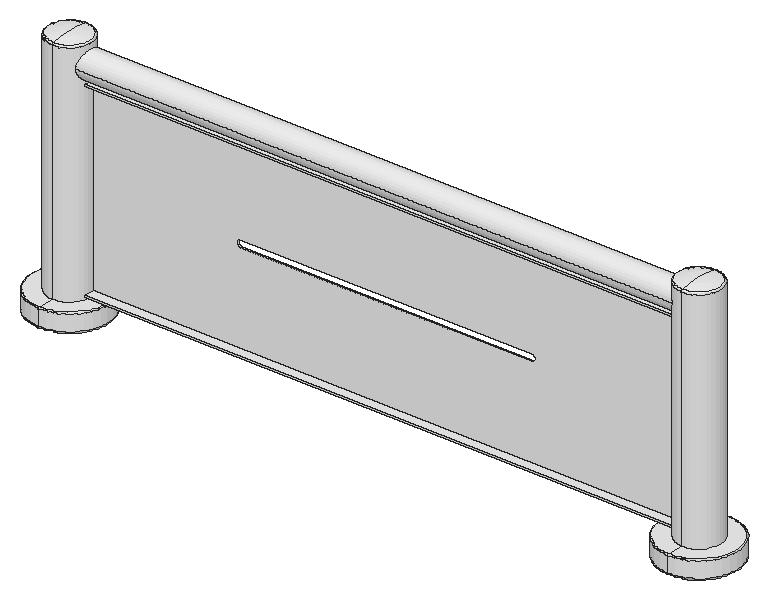
Revit family "Shelf-Metal-Caroma Cosmo", category Specialty Equipment, host Face, Revit 2014
Parameters (values of type "Standard")
  Width_ANZRS = 146 mm  # constant formula
  URL = "http://specify.caroma.com.au/"
  Type Comments = "Caroma Cosmo Metal Shelf "  # constant formula
  ModifiedIssue_ANZRS = 20150505.01  # constant formula
  Model = "305006C"  # constant formula
  Material_ANZRS = Metal-Chrome-Caroma
  Manufacturer = "GWA Bathrooms & Kitchens"  # constant formula
  Length_ANZRS = 380 mm  # constant formula
  Height_ANZRS = 45 mm  # constant formula
  Glazing = Glass-Clear-Caroma
  Description = "Contemporary style doesn't have to mean edges and angles with the Caroma Cosmo Accessory range"  # constant formula
  Default Elevation = 900 mm
  CreatedBy_ANZRS = "Design Content"  # constant formula
  CreatedByURL_ANZRS = "http://www.designcontent.com.au"
  Cost = 0
  Assembly Code = "C1030200"
Reference planes
  plane 1 "Center (Elevation)": y = 0
  plane 2 "Back": z = 0
  plane 3 "Center (Left/Right)": x = 0
  plane 4: x = 183.5
  plane 5: x = -183.5
  plane 6 "Bottom": y = -22.5
  plane 7 "Top": y = 22.5
  plane 8 "Front": z = 146
  plane 9 "Left": x = -190
  plane 10 "Right": x = 190
Forms (mm)
  Revolve 1, solid, material "Metal-Chrome-Caroma" <- "Material_ANZRS"
    sketch origin (-183.5, 1524, 1219.2) x (0, 1, 0) y (0, 0, 1)
      loop
        line (-1524, -1219.2) -> (-1502, -1219.2)
        arc (-1502, -1219.2) -> (-1501.646, -1219.054) -> (-1501.5, -1218.7) r 0.5
        line (-1501.5, -1218.7) -> (-1501.5, -1209.2)
        arc (-1501.5, -1209.2) -> (-1501.646, -1208.846) -> (-1502, -1208.7) r 0.5
        line (-1502, -1208.7) -> (-1511.5, -1208.7) -> (-1511.5, -1076.007)
        arc (-1511.5, -1076.007) -> (-1511.718, -1075.384) -> (-1512.276, -1075.033) r 1
        arc (-1512.276, -1075.033) -> (-1518.1, -1074.034) -> (-1524, -1073.7) r 52.235
        line (-1524, -1073.7) -> (-1524, -1219.2)
      axis (-1524, -1073.7) -> (-1524, -1219.2)
    angle from 0 to 360
  Revolve 2, solid, material "Metal-Chrome-Caroma" <- "Material_ANZRS"
    sketch origin (183.5, 1524, 1219.2) x (0, 1, 0) y (0, 0, 1)
      loop
        line (-1524, -1219.2) -> (-1502, -1219.2)
        arc (-1502, -1219.2) -> (-1501.646, -1219.054) -> (-1501.5, -1218.7) r 0.5
        line (-1501.5, -1218.7) -> (-1501.5, -1209.2)
        arc (-1501.5, -1209.2) -> (-1501.646, -1208.846) -> (-1502, -1208.7) r 0.5
        line (-1502, -1208.7) -> (-1511.5, -1208.7) -> (-1511.5, -1076.007)
        arc (-1511.5, -1076.007) -> (-1511.718, -1075.384) -> (-1512.276, -1075.033) r 1
        arc (-1512.276, -1075.033) -> (-1518.1, -1074.034) -> (-1524, -1073.7) r 52.235
        line (-1524, -1073.7) -> (-1524, -1219.2)
      axis (-1524, -1073.7) -> (-1524, -1219.2)
    angle from 0 to 360
  Extrusion 3, solid, material "Metal-Chrome-Caroma" <- "Material_ANZRS"
    sketch origin (0, 0, 0) x (0, 1, 0) y (0, 0, 1)
      loop
        circle (0, 132.449) r 8
    from -190 to 190
  Extrusion 4, solid, material "Metal-Chrome-Caroma" <- "Material_ANZRS"
    sketch origin (0, 0, 0) x (0, 1, 0) y (0, 0, 1)
      loop
        line (-4.5, 123.5) -> (-4.5, 122.7) -> (1.701, 122.7) -> (1.701, 13.3) -> (-4.484, 13.3) -> (-4.484, 12.5) -> (2.001, 12.5)
        arc (2.001, 12.5) -> (2.354, 12.646) -> (2.501, 13) r 0.5
        line (2.501, 13) -> (2.501, 123)
        arc (2.501, 123) -> (2.354, 123.354) -> (2.001, 123.5) r 0.5
        line (2.001, 123.5) -> (-4.5, 123.5)
    from -175 to 175
  Extrusion 5, void
    sketch origin (0, 0, 0) x (1, 0, 0) y (0, 0, 1)
      loop
        line (85, 70) -> (-85, 70)
        arc (-85, 70) -> (-87, 68) -> (-85, 66) r 2
        line (-85, 66) -> (85, 66)
        arc (85, 66) -> (87, 68) -> (85, 70) r 2
    from -20 to 20
Cuts and joins
  Extrusion 5 cuts Extrusion 4
  joined: Revolve 1, Revolve 2, Extrusion 3, Extrusion 4
Dimensions and locks
  locked: plane 9 "Left" to plane 5 at 6.5
  locked: plane 4 to plane 10 "Right" at 6.5
  equal spacing: plane 9 "Left", plane 3 "Center (Left/Right)", plane 10 "Right"
  "Length_ANZRS": plane 9 "Left" to plane 10 "Right"
  equal spacing: plane 6 "Bottom", plane 1 "Center (Elevation)", plane 7 "Top"
  "Height_ANZRS": plane 6 "Bottom" to plane 7 "Top"
  "Width_ANZRS": plane 8 "Front" to level
  aligned and locked: plane 2 "Back" to host face
  aligned and locked: level to host face
  aligned and locked: plane 10 "Right" to Extrusion 3
  aligned and locked: Extrusion 3 to plane 9 "Left"
Automatic sketch dimensions
  host sketch curve to host sketch curve = 2438.4 mm  (x2)
  Revolve 1 sketch curve to level = 0 mm  (x2)
  Revolve 1 sketch curve to plane 1 "Center (Elevation)" = 0 mm  (x2)
  Revolve 1 sketch curve to plane 7 "Top" = 0 mm
  Revolve 1 sketch curve to plane 8 "Front" = 2.807 mm
  plane 7 "Top" to Revolve 1 sketch curve = 11 mm
  plane 7 "Top" to Revolve 1 sketch curve = 10 mm
  level to Revolve 1 sketch curve = 0.5 mm
  plane 7 "Top" to Revolve 1 sketch curve = 0.5 mm
  Revolve 1 sketch curve to Revolve 1 sketch curve = 9.5 mm
  Revolve 1 sketch curve to Revolve 1 sketch curve = 49.928 mm
  Revolve 1 sketch curve to plane 8 "Front" = 0.5 mm
  Revolve 1 sketch curve to level = 7.012 mm
  Revolve 2 sketch curve to level = 0 mm  (x2)
  Revolve 2 sketch curve to plane 1 "Center (Elevation)" = 0 mm  (x2)
  Revolve 2 sketch curve to plane 7 "Top" = 0 mm
  Revolve 2 sketch curve to plane 8 "Front" = 2.807 mm
  plane 7 "Top" to Revolve 2 sketch curve = 11 mm
  plane 7 "Top" to Revolve 2 sketch curve = 10 mm
  level to Revolve 2 sketch curve = 0.5 mm
  plane 7 "Top" to Revolve 2 sketch curve = 0.5 mm
  Revolve 2 sketch curve to Revolve 2 sketch curve = 9.5 mm
  Revolve 2 sketch curve to Revolve 2 sketch curve = 49.928 mm
  Revolve 2 sketch curve to plane 8 "Front" = 0.5 mm
  Revolve 2 sketch curve to Revolve 2 sketch curve = 7.012 mm
  Extrusion 3 sketch curve to plane 1 "Center (Elevation)" = 0 mm
  Extrusion 3 sketch curve to plane 8 "Front" = 13.551 mm
  plane 1 "Center (Elevation)" to Extrusion 4 sketch curve = 4.5 mm
  plane 1 "Center (Elevation)" to Extrusion 4 sketch curve = 4.484 mm
  Extrusion 4 sketch curve to plane 1 "Center (Elevation)" = 1.701 mm
  Extrusion 4 sketch curve to Extrusion 4 sketch curve = 0.3 mm  (x3)
  Extrusion 4 sketch curve to Extrusion 4 sketch curve = 0.5 mm
  level to Extrusion 4 sketch curve = 12.5 mm
  Extrusion 4 sketch curve to Extrusion 4 sketch curve = 0.8 mm
  Extrusion 4 sketch curve to plane 8 "Front" = 23.3 mm
  Extrusion 5 sketch curve to plane 3 "Center (Left/Right)" = 85 mm
  plane 3 "Center (Left/Right)" to Extrusion 5 sketch curve = 85 mm
  level to Extrusion 5 sketch curve = 66 mm
  Extrusion 5 sketch curve to Extrusion 5 sketch curve = 2 mm
  radius of Extrusion 3 sketch curve = 8 mm
